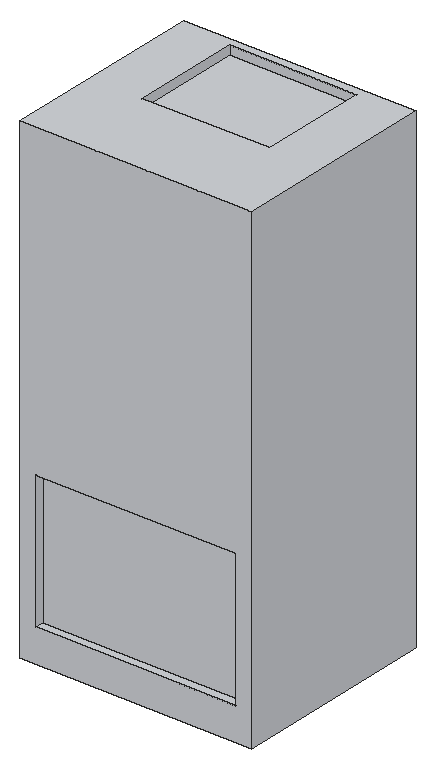
Revit family "M_Unidade de manuseio de ar - Sistema de divisão - Vertical", category Equipamento mecânico, Revit 2019
Family settings
  Cota do conector redondo = Usar raio
  Tipo de parte = Normal
  Número OmniClass = 23.75.35.14.17
  Título OmniClass = Modular Indoor Air Handling Units
  ID de item do Seek = Air Handling Unit - Split System - Vertical-0000-CAN-ENU
  Com base no plano de trabalho = Não
  Sempre na vertical = Sim
  Corte com vazios quando carregada = Não
  Compartilhado = Não
  Ponto de cálculo do ambiente = Não
Parameters (values of type "03")
  Voltagem = 208 V
  LarguradaUnidade = 648 mm
  AlturadaUnidade = 1346 mm
  ProfundidadedaUnidade = 574 mm
  Largura1 = 356 mm
  DeslocamentodaAberturadeFornecimento = 22.8 mm
  FormadaPart = "Duto retangular"
  Raio da saída = 14 mm
  Diâmetro da saída = Raio da saída * 2  # 28 mm
  Número de pólos = 3
  Classificação de carga = Refrigeração
  Raio da embocadura = 5 mm
  Diâmetro da embocadura = Raio da embocadura * 2  # 10 mm
  Altura1 = 306 mm
  DeslocamentodoConectordeFornecimento = Altura1 / 2  # 153 mm
  Largura2 = 559 mm
  Altura2 = 382 mm
  DeslocamentodoConectordeRetorno = Altura2 / 2  # 191 mm
  DeslocamentodoArdeRetorno = 92 mm
  Modelo = "03"
  Largura de meia unidade = LarguradaUnidade / 2  # 324 mm
  Fluxo da drenagem [instance] = 0.0 L/s
  C3 Deslocamento 1 = 466 mm
  Assembly Code = ""
  Carga aparente = 10816 VA
  Pressão estática externa [instance] = 124.0 Pa
  Fluxo de ar [instance] = 552.0 L/s
Types (4, lengths in mm): name | Voltagem | LarguradaUnidade | AlturadaUnidade | ProfundidadedaUnidade | Largura1 | DeslocamentodaAberturadeFornecimento | Número de pólos | Altura1 | DeslocamentodoConectordeFornecimento | Largura2 | Altura2 | DeslocamentodoConectordeRetorno | Modelo | Largura de meia unidade | C3 Deslocamento 1 | Carga aparente | Fluxo de ar
  03 | 208 V | 648 | 1346 | 574 | 356 | 22.8 | 3 | 306 | 153 | 559 | 382 | 191 | "03" | 324 | 466 | 10816 VA | 552.0 L/s
  05 | 208 V | 812 | 1346 | 600 | 381 | 23 | 3 | 306 | 153 | 712 | 382 | 191 | "05" | 406 | 689 | 10816 VA | 723.0 L/s
  07 | 208 V | 1100 | 1362 | 600 | 406 | 69 | 3 | 356 | 178 | 990 | 484 | 242 | "07" | 550 | 774 | 9984 VA | 757.0 L/s
  10 | 240 V | 1402 | 1488 | 742 | 843 | 48 | 2 | 406 | 203 | 1320 | 560 | 280 | "10" | 701 | 774 | 14400 VA | 913.0 L/s
Reference planes
  plane 1 "Centro (Frente/Trás)": y = 0
  plane 2: z = 0
  plane 3 "Centro (Esquerda/Direita)": x = 0
  plane 4 "ParteSuperiorDaPlantadeTrabalhodaUnidade": z = 1346
  plane 5 "FrentedaPlantadeTrabalhodaUnidade": y = -287.04
  plane 6: x = -324
  plane 7: x = -275.978
  plane 8: z = 132.556
  plane 9: x = 324
  plane 10: x = 225.575
  plane 11: z = 466
  plane 12: z = 394.563
  plane 13: y = 287.04
  plane 14: y = 312.44
Forms (mm)
  Extrusion 1, solid
    sketch origin (0, 0, 0) x (1, 0, 0) y (0, 1, 0)
      loop
        line (-324, 287) -> (-324, -287) -> (324, -287) -> (324, 287) -> (-324, 287)
    from 0 to 1346
  Extrusion 2, void
    sketch origin (-323.85, 287.04, 1346) x (0, -1, 0) y (-1, 0, 0)
      loop
        line (22.84, -145.85) -> (22.84, -501.85) -> (328.84, -501.85) -> (328.84, -145.85) -> (22.84, -145.85)
    from 0 to 25.4
  Extrusion 3, void
    sketch origin (-324, -287, 1346) x (0, 0, 1) y (1, 0, 0)
      loop
        line (-872, 44.5) -> (-872, 603.5) -> (-1254, 603.5) -> (-1254, 44.5) -> (-872, 44.5)
    from 0 to 25.4
  Extrusion 4, solid
    sketch origin (324, 287, 1346) x (0, 0, -1) y (-1, 0, 0)
      loop
        circle (880, 98.425) r 14
    from 0.04 to 25.44
  Extrusion 5, solid
    sketch origin (324, 287, 1346) x (0, 0, -1) y (-1, 0, 0)
      loop
        circle (951.437, 98.425) r 5
    from 0.04 to 25.44
  Extrusion 6, solid
    sketch origin (324, 287, 1346) x (0, 0, -1) y (-1, 0, 0)
      loop
        circle (1213.444, 599.978) r 9.525
    from 0.04 to 25.44
Cuts and joins
  Extrusion 2, Extrusion 3 cuts Extrusion 1
Dimensions and locks
  equal spacing: Extrusion 1 sketch curve, plane 3 "Centro (Esquerda/Direita)", Extrusion 1 sketch curve
  "LarguradaUnidade": Extrusion 1 sketch curve to Extrusion 1 sketch curve
  equal spacing: Extrusion 1 sketch curve, plane 1 "Centro (Frente/Trás)", Extrusion 1 sketch curve
  "ProfundidadedaUnidade": Extrusion 1 sketch curve to Extrusion 1 sketch curve
  "AlturadaUnidade": plane 4 "ParteSuperiorDaPlantadeTrabalhodaUnidade" to level
  "DeslocamentodaAberturadeFornecimento": Extrusion 2 sketch curve to cut or joined group of Extrusion 1, Extrusion 2, Extrusion 3
  "Altura1": Extrusion 2 sketch curve to Extrusion 2 sketch curve
  equal spacing: Extrusion 2 sketch curve, plane 3 "Centro (Esquerda/Direita)", Extrusion 2 sketch curve
  "Largura1": Extrusion 2 sketch curve to Extrusion 2 sketch curve
  equal spacing: Extrusion 3 sketch curve, plane 3 "Centro (Esquerda/Direita)", Extrusion 3 sketch curve
  "Largura2": Extrusion 3 sketch curve to Extrusion 3 sketch curve
  "DeslocamentodoArdeRetorno": Extrusion 3 sketch curve to cut or joined group of Extrusion 1, Extrusion 2, Extrusion 3
  "Altura2": Extrusion 3 sketch curve to Extrusion 3 sketch curve
  "Largura de meia unidade": plane 3 "Centro (Esquerda/Direita)" to plane 6
  locked: plane 7 to plane 6 at 48.022
  locked: plane 2 to plane 8 at 132.556
  "Largura de meia unidade": plane 9 to plane 3 "Centro (Esquerda/Direita)"
  locked: plane 10 to plane 9 at 98.425
  "C3 Deslocamento 1": plane 2 to plane 11
  locked: plane 12 to plane 11 at 71.438
  equal spacing: plane 13, plane 1 "Centro (Frente/Trás)", plane 5 "FrentedaPlantadeTrabalhodaUnidade"
  locked: plane 14 to plane 13 at 25.4
  "Raio da saída": radius of Extrusion 4 sketch curve
  "Raio da embocadura": radius of Extrusion 5 sketch curve
  radius of Extrusion 6 sketch curve = 9.525 mm
  aligned and locked: Extrusion 1 to plane 4 "ParteSuperiorDaPlantadeTrabalhodaUnidade"
  aligned and locked: plane 11 to Extrusion 4 sketch curve
  aligned and locked: plane 10 to Extrusion 4 sketch curve
  aligned and locked: plane 12 to Extrusion 5 sketch curve
  aligned and locked: plane 10 to Extrusion 5 sketch curve
  aligned and locked: plane 8 to Extrusion 6 sketch curve
  aligned and locked: plane 7 to Extrusion 6 sketch curve
  aligned and locked: Extrusion 6 to plane 13
  aligned and locked: plane 14 to Extrusion 6
  aligned and locked: Extrusion 4 to plane 13
  aligned and locked: plane 14 to Extrusion 4
  aligned and locked: plane 13 to Extrusion 5
  aligned and locked: plane 14 to Extrusion 5
Connectors
  hvac at (0, -261.6, 283), driven by "Altura2", driven by "Largura2", driven by "Fluxo de ar"
    settings: on cut or joined group of Extrusion 1, Extrusion 2, Extrusion 3, index 1, duct flow 552.0 L/s, flow factor 0, pres drop 0.0 Pa, loss coef 0, conn angle 0.00°, conn width 559 mm, conn height 382 mm, conn diameter 609.6 mm, duct sys type 2, conn prof type 1, flow config 0, flow direction 1, loss method 0, conn ref index 0, conn util no, is conn primary no, conn desc ""
  hvac at (0, 111.2, 1320.6), driven by "Altura1", driven by "Largura1", driven by "Fluxo de ar"
    settings: on cut or joined group of Extrusion 1, Extrusion 2, Extrusion 3, index 0, duct flow 552.0 L/s, flow factor 0, pres drop 0.0 Pa, loss coef 0, conn angle 0.00°, conn width 356 mm, conn height 306 mm, conn diameter 609.6 mm, duct sys type 1, conn prof type 1, flow config 0, flow direction 2, loss method 0, conn ref index 1, conn util no, is conn primary yes, conn desc ""
  piping at (225.575, 312.44, 466), diameter 28, driven by "Raio da saída"
    settings: on Extrusion 4, index 2, connector inside diameter 28 mm, connector length 0 mm, flow factor 0, pipe flow 0.0 L/s, pressure drop 0.0 Pa, fitting loss kfactor 0, connector angle 0.00°, fixture units 0, engagement length 0 mm, angle of deflection 0.00°, flow configuration 1, flow direction 2, fitting loss method 0, system type 22, joint type 0, gender type 0, connector reference index 3, connector utility 0, adjustable connector no, is connector primary yes, connector description ""
  piping at (225.575, 312.44, 394.563), diameter 10, driven by "Raio da embocadura"
    settings: on Extrusion 5, index 3, connector inside diameter 10 mm, connector length 0 mm, flow factor 0, pipe flow 0.0 L/s, pressure drop 0.0 Pa, fitting loss kfactor 0, connector angle 0.00°, fixture units 0, engagement length 0 mm, angle of deflection 0.00°, flow configuration 1, flow direction 1, fitting loss method 0, system type 22, joint type 0, gender type 0, connector reference index 2, connector utility 0, adjustable connector no, is connector primary no, connector description ""
  piping at (-275.978, 312.44, 132.556), diameter 19.05, driven by "Fluxo da drenagem"
    settings: on Extrusion 6, index 4, connector inside diameter 19.05 mm, connector length 0 mm, flow factor 0, pipe flow 0.0 L/s, pressure drop 0.0 Pa, fitting loss kfactor 0, connector angle 0.00°, fixture units 0, engagement length 0 mm, angle of deflection 0.00°, flow configuration 1, flow direction 2, fitting loss method 0, system type 16, joint type 0, gender type 0, connector reference index -1, connector utility 0, adjustable connector yes, is connector primary no, connector description ""
  electrical at (-324, 0, 673), driven by "Carga aparente", driven by "Voltagem", driven by "Número de pólos", driven by "Classificação de carga"
    settings: on cut or joined group of Extrusion 1, Extrusion 2, Extrusion 3, index 5, voltage 208 V, apparent load 10816 VA, apparent load phase1 0 VA, apparent load phase2 0 VA, apparent load phase3 0 VA, power factor 0.8, load classification "Refrigeração", number of poles 3, system type 30, power factor state 1, is connector primary yes, connector utility no, sub classification motor no, connector description ""
